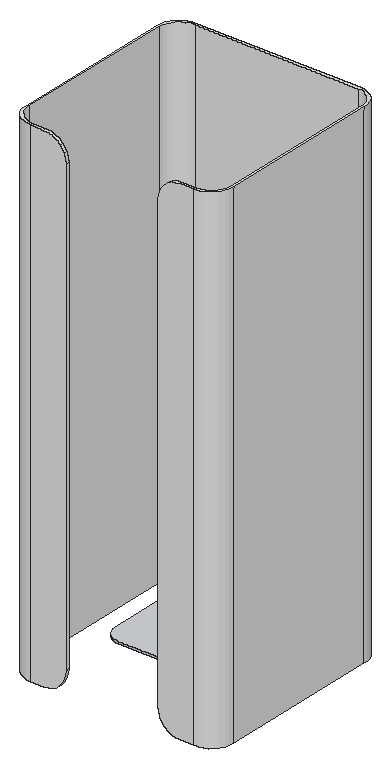
Revit family "PROOX Spare roll holder for 3 rolls EN", category Furniture, Revit 2014
Parameters (values of type "ONE pure")
  URL = "http://www.proox.com/"
  Type Comments = "ONE pure"
  Product webpage [instance] = "http://www.proox.com/EN/spare-roll-holder-f.-3-stainless-steel/"
  Product data sheet = "http://www.proox.com/fileadmin/dam/Download/Produktdatenbl%C3%A4tter/english/Productspecificaton_DP-393.pdf"
  Model = "PU-393"
  Material = PROOX Stainless steel, brushed
  Manufacturer = "PROOX Ltd."  # constant formula
  Keynote = ""
  EAN-Nummer = "9120050350908"
  Description = "spare roll holder for 3 rolls PROOX ONE pure made from stainless steel"
  Cost = 92
  BIM objects producer = "www.BIMtelligent.eu"  # constant formula
  Specification = "Spare roll holder for 3 rolls made out of stainless steel. Intended for wall mounting. Surface with fine brushed structure. Cover 1.5mm thickness."
Types (3, lengths in mm): name | Type Comments | Product webpage | Product data sheet | Model | Material | EAN-Nummer | Description | Cost | Specification
  (no name) | "ONE pure" | "http://www.proox.com/EN/spare-roll-holder-f.-3-stainless-steel/" | "http://www.proox.com/fileadmin/dam/Download/Produktdatenbl%C3%A4tter/english/Productspecificaton_DP-393.pdf" | "PU-393" | PROOX Stainless steel, brushed | "9120050350908" | "spare roll holder for 3 rolls PROOX ONE pure made from stainless steel" | 92 | "Spare roll holder for 3 rolls made out of stainless steel. Intended for wall mounting. Surface with fine brushed structure. Cover 1.5mm thickness."
  ONE pure | "ONE pure" | "http://www.proox.com/EN/spare-roll-holder-f.-3-stainless-steel/" | "http://www.proox.com/fileadmin/dam/Download/Produktdatenbl%C3%A4tter/english/Productspecificaton_DP-393.pdf" | "PU-393" | PROOX Stainless steel, brushed | "9120050350908" | "spare roll holder for 3 rolls PROOX ONE pure made from stainless steel" | 92 | "Spare roll holder for 3 rolls made out of stainless steel. Intended for wall mounting. Surface with fine brushed structure. Cover 1.5mm thickness."
  ONE dark passion | "ONE dark passion" | "http://www.proox.com/EN/spare-roll-holder-f.-3-rolls-black/" | "http://www.proox.com/fileadmin/dam/Download/Produktdatenbl%C3%A4tter/english/Productspecification_DP-393.pdf" | "DP-393" | PROOX Aluminum, black anodised | "9120050350977" | "spare roll holder for 3 rolls PROOX ONE dark passion made from aluminum black anodized" | 99 | "Spare roll holder for 3 rolls made out from glass pearl blasted and black anodised aluminum. For wall mounting. Surface with fine brushed strucure. Cover 3mm thickness."
Reference planes
  plane 1 "Center (Front/Back)": y = 0
  plane 2: z = 0
  plane 3 "Center (Left/Right)": x = 0
Forms (mm)
  Extrusion 1, solid, material "PROOX Stainless steel, brushed" <- "Material", detail levels coarse
    sketch origin (0, 0, 0) x (1, 0, 0) y (0, 1, 0)
      loop
        line (-62.5, 0) -> (-62.5, -125) -> (62.5, -125) -> (62.5, 0) -> (-62.5, 0)
    from 0 to 300
  Extrusion 2, solid, material "PROOX Stainless steel, brushed" <- "Material", detail levels fine
    sketch origin (0, 0, 0) x (1, 0, 0) y (0, 1, 0)
      loop
        arc (-49, 0) -> (-58.546, -3.954) -> (-62.5, -13.5) r 13.5
        line (-62.5, -13.5) -> (-62.5, -111.5)
        arc (-62.5, -111.5) -> (-58.546, -121.046) -> (-49, -125) r 13.5
        line (-49, -125) -> (-27.5, -125) -> (-27.5, -123.5) -> (-49, -123.5)
        arc (-49, -123.5) -> (-57.485, -119.985) -> (-61, -111.5) r 12
        line (-61, -111.5) -> (-61, -13.5)
        arc (-61, -13.5) -> (-57.485, -5.015) -> (-49, -1.5) r 12
        line (-49, -1.5) -> (49, -1.5)
        arc (49, -1.5) -> (57.485, -5.015) -> (61, -13.5) r 12
        line (61, -13.5) -> (61, -111.5)
        arc (61, -111.5) -> (57.485, -119.985) -> (49, -123.5) r 12
        line (49, -123.5) -> (27.5, -123.5) -> (27.5, -125) -> (49, -125)
        arc (49, -125) -> (58.546, -121.046) -> (62.5, -111.5) r 13.5
        line (62.5, -111.5) -> (62.5, -13.5)
        arc (62.5, -13.5) -> (58.546, -3.954) -> (49, 0) r 13.5
        line (49, 0) -> (-49, 0)
    from 0 to 300
  Extrusion 3, solid, detail levels fine
    sketch origin (0, 0, 0) x (1, 0, 0) y (0, 1, 0)
      loop
        arc (-49, -61.3) -> (-46.071, -68.371) -> (-39, -71.3) r 10
        line (-39, -71.3) -> (39, -71.3)
        arc (39, -71.3) -> (46.071, -68.371) -> (49, -61.3) r 10
        line (49, -61.3) -> (49, -1.5) -> (-49, -1.5) -> (-49, -61.3)
    from 0 to 1.5
  Extrusion 4, void
    sketch origin (0, 0, 0) x (1, 0, 0) y (0, 0, 1)
      loop
        line (-27.5, 300) -> (-41, 300)
        arc (-41, 300) -> (-31.454, 296.046) -> (-27.5, 286.5) r 13.5
        line (-27.5, 286.5) -> (-27.5, 300)
      loop
        line (27.5, 300) -> (27.5, 286.5)
        arc (27.5, 286.5) -> (31.454, 296.046) -> (41, 300) r 13.5
        line (41, 300) -> (27.5, 300)
      loop
        line (-27.5, 0) -> (-27.5, 13.5)
        arc (-27.5, 13.5) -> (-31.454, 3.954) -> (-41, 0) r 13.5
        line (-41, 0) -> (-27.5, 0)
      loop
        line (27.5, 0) -> (41, 0)
        arc (41, 0) -> (31.454, 3.954) -> (27.5, 13.5) r 13.5
        line (27.5, 13.5) -> (27.5, 0)
    from 100 to 125
  Extrusion 5, solid, material "PROOX Stainless steel, brushed" <- "Material", detail levels medium
    sketch origin (0, 0, 0) x (1, 0, 0) y (0, 1, 0)
      loop
        line (-62.5, 0) -> (-62.5, -125) -> (-27.5, -125) -> (-27.5, -123.5) -> (-61, -123.5) -> (-61, -1.5) -> (61, -1.5) -> (61, -123.5) -> (27.5, -123.5) -> (27.5, -125) -> (62.5, -125) -> (62.5, 0) -> (-62.5, 0)
    from 0 to 300
Cuts and joins
  Extrusion 4 cuts Extrusion 2
Dimensions and locks
  aligned and locked: level to plane 2
